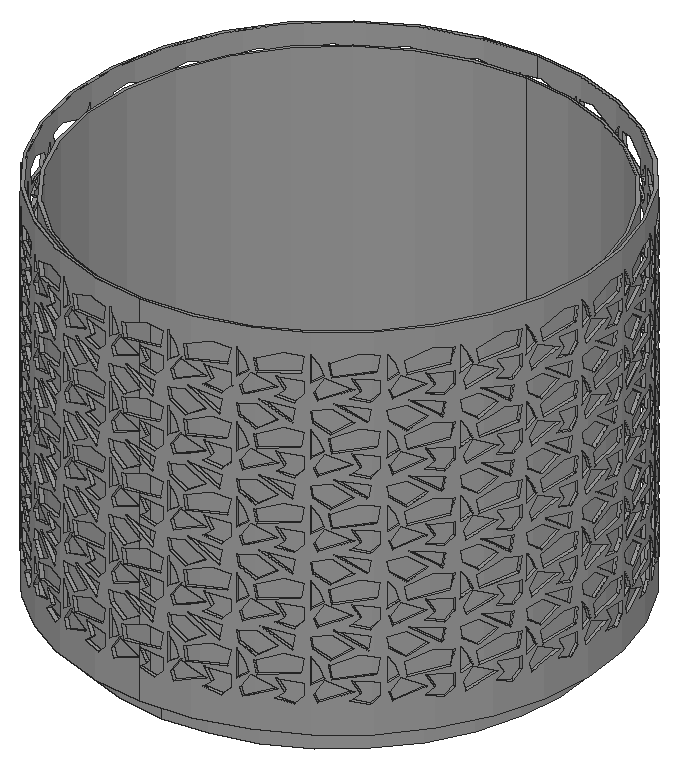
Revit family "14832 Цветочница «Филигран» средняя, диаметр 900 мм Хоббика", category Антураж, Revit 2018 (continued)
Automatic sketch dimensions
  Extrusion 11 sketch curve to Extrusion 11 sketch curve = 4.105 mm  (x5)
  Extrusion 11 sketch curve to plane 6 = 317.783 mm
  level to Extrusion 11 sketch curve = 138.217 mm
  Extrusion 11 sketch curve to plane 6 = 195.783 mm
  Extrusion 11 sketch curve to plane 6 = 73.783 mm
  level to Extrusion 11 sketch curve = 105.534 mm
  Extrusion 11 sketch curve to Extrusion 11 sketch curve = 6.071 mm  (x5)
  Extrusion 11 sketch curve to plane 6 = 106.466 mm
  level to Extrusion 11 sketch curve = 227.534 mm
  Extrusion 11 sketch curve to plane 6 = 228.466 mm
  level to Extrusion 11 sketch curve = 349.534 mm
  Extrusion 11 sketch curve to plane 6 = 236.396 mm
  level to Extrusion 11 sketch curve = 341.604 mm
  level to Extrusion 11 sketch curve = 219.604 mm
  Extrusion 11 sketch curve to plane 6 = 114.396 mm
  level to Extrusion 11 sketch curve = 212.391 mm
  Extrusion 11 sketch curve to Extrusion 11 sketch curve = 3.307 mm  (x4)
  Extrusion 11 sketch curve to plane 6 = 121.609 mm
  level to Extrusion 11 sketch curve = 334.391 mm
  Extrusion 11 sketch curve to plane 6 = 243.609 mm
  Extrusion 11 sketch curve to plane 6 = 72.971 mm
  Extrusion 11 sketch curve to Extrusion 11 sketch curve = 28.051 mm  (x5)
  level to Extrusion 11 sketch curve = 139.029 mm
  Extrusion 11 sketch curve to plane 6 = 316.971 mm
  level to Extrusion 11 sketch curve = 261.029 mm
  Extrusion 11 sketch curve to plane 6 = 194.971 mm
  Extrusion 11 sketch curve to plane 6 = 163.615 mm
  Extrusion 11 sketch curve to Extrusion 11 sketch curve = 0.133 mm  (x4)
  Extrusion 11 sketch curve to plane 6 = 285.615 mm
  level to Extrusion 11 sketch curve = 292.385 mm
  level to Extrusion 11 sketch curve = 170.385 mm
  level to Extrusion 11 sketch curve = 284.794 mm
  Extrusion 11 sketch curve to Extrusion 11 sketch curve = 4.057 mm  (x4)
  Extrusion 11 sketch curve to plane 6 = 171.206 mm
  level to Extrusion 11 sketch curve = 162.794 mm
  Extrusion 11 sketch curve to plane 6 = 49.206 mm
  Extrusion 11 sketch curve to Extrusion 11 sketch curve = 4.19 mm
  Extrusion 11 sketch curve to plane 6 = 293.206 mm
  Extrusion 11 sketch curve to plane 6 = 72.501 mm
  Extrusion 11 sketch curve to Extrusion 11 sketch curve = 8.628 mm  (x5)
  level to Extrusion 11 sketch curve = 139.499 mm
  Extrusion 11 sketch curve to plane 6 = 316.501 mm
  level to Extrusion 11 sketch curve = 261.499 mm
  Extrusion 11 sketch curve to plane 6 = 194.501 mm
  level to Extrusion 11 sketch curve = 141.498 mm
  Extrusion 11 sketch curve to Extrusion 11 sketch curve = 0.747 mm  (x5)
  Extrusion 11 sketch curve to plane 6 = 314.502 mm
  Extrusion 11 sketch curve to plane 6 = 70.502 mm
  level to Extrusion 11 sketch curve = 263.498 mm
  Extrusion 11 sketch curve to plane 6 = 192.502 mm
  level to Extrusion 11 sketch curve = 160.292 mm
  Extrusion 11 sketch curve to Extrusion 11 sketch curve = 12.025 mm  (x5)
  Extrusion 11 sketch curve to plane 6 = 173.708 mm
  Extrusion 11 sketch curve to plane 6 = 295.708 mm
  Extrusion 11 sketch curve to plane 6 = 51.708 mm
  level to Extrusion 11 sketch curve = 282.292 mm
  level to Extrusion 11 sketch curve = 345.67 mm
  Extrusion 11 sketch curve to Extrusion 11 sketch curve = 19.647 mm  (x4)
  Extrusion 11 sketch curve to plane 6 = 232.33 mm
  Extrusion 11 sketch curve to plane 6 = 110.33 mm
  level to Extrusion 11 sketch curve = 223.67 mm
  level to Extrusion 11 sketch curve = 101.67 mm
  Extrusion 11 sketch curve to Extrusion 11 sketch curve = 10.899 mm
  Extrusion 11 sketch curve to plane 6 = 217.681 mm
  level to Extrusion 11 sketch curve = 116.319 mm
  level to Extrusion 11 sketch curve = 238.319 mm
  Extrusion 11 sketch curve to plane 6 = 95.681 mm
  Extrusion 11 sketch curve to plane 6 = 339.681 mm
  level to Extrusion 11 sketch curve = 188.601 mm
  Extrusion 11 sketch curve to Extrusion 11 sketch curve = 9.934 mm  (x4)
  Extrusion 11 sketch curve to plane 6 = 267.399 mm
  Extrusion 11 sketch curve to plane 6 = 145.399 mm
  level to Extrusion 11 sketch curve = 310.601 mm
  Extrusion 11 sketch curve to plane 6 = 156.752 mm
  Extrusion 11 sketch curve to Extrusion 11 sketch curve = 2.998 mm  (x2)
  Extrusion 11 sketch curve to Extrusion 11 sketch curve = 4.288 mm  (x3)
  Extrusion 11 sketch curve to plane 6 = 325.917 mm
  Extrusion 11 sketch curve to plane 6 = 126.818 mm
  Extrusion 11 sketch curve to plane 6 = 248.818 mm
  level to Extrusion 11 sketch curve = 207.182 mm
  level to Extrusion 11 sketch curve = 329.182 mm
  Extrusion 11 sketch curve to Extrusion 11 sketch curve = 13.764 mm  (x4)
  Extrusion 11 sketch curve to Extrusion 11 sketch curve = 11.353 mm  (x3)
  Extrusion 11 sketch curve to Extrusion 11 sketch curve = 12.985 mm
  Extrusion 11 sketch curve to Extrusion 11 sketch curve = 16.957 mm
  level to Extrusion 12 sketch curve = 133.966 mm
  level to Extrusion 12 sketch curve = 255.966 mm
  Extrusion 12 sketch curve to Extrusion 12 sketch curve = 0 mm  (x9)
  Extrusion 12 sketch curve to plane 6 = 282.455 mm
  Extrusion 12 sketch curve to plane 6 = 78.034 mm
  Extrusion 12 sketch curve to plane 6 = 344.088 mm
  level to Extrusion 12 sketch curve = 173.545 mm
  Extrusion 12 sketch curve to plane 6 = 200.034 mm
  Extrusion 12 sketch curve to plane 6 = 38.455 mm
  level to Extrusion 12 sketch curve = 295.545 mm
  Extrusion 12 sketch curve to plane 6 = 160.455 mm
  Extrusion 12 sketch curve to plane 6 = 187.049 mm
  Extrusion 12 sketch curve to Extrusion 12 sketch curve = 4.689 mm  (x5)
  level to Extrusion 12 sketch curve = 268.951 mm
  Extrusion 12 sketch curve to plane 6 = 65.049 mm
  level to Extrusion 12 sketch curve = 146.951 mm
  Extrusion 12 sketch curve to plane 6 = 309.049 mm
  level to Extrusion 12 sketch curve = 332.294 mm
  Extrusion 12 sketch curve to Extrusion 12 sketch curve = 12.981 mm  (x4)
  Extrusion 12 sketch curve to plane 6 = 245.706 mm
  Extrusion 12 sketch curve to plane 6 = 123.706 mm
  level to Extrusion 12 sketch curve = 210.294 mm
  level to Extrusion 12 sketch curve = 97.77 mm
  Extrusion 12 sketch curve to Extrusion 12 sketch curve = 14.142 mm  (x5)
  level to Extrusion 12 sketch curve = 219.77 mm
  Extrusion 12 sketch curve to Extrusion 12 sketch curve = 1.161 mm  (x4)
  Extrusion 12 sketch curve to plane 6 = 114.23 mm
  level to Extrusion 12 sketch curve = 341.77 mm
  Extrusion 12 sketch curve to plane 6 = 236.23 mm
  level to Extrusion 12 sketch curve = 307.674 mm
  Extrusion 12 sketch curve to Extrusion 12 sketch curve = 17.322 mm  (x4)
  Extrusion 12 sketch curve to plane 6 = 270.326 mm
  Extrusion 12 sketch curve to plane 6 = 148.326 mm
  level to Extrusion 12 sketch curve = 185.674 mm
  Extrusion 12 sketch curve to plane 6 = 95.434 mm
  Extrusion 12 sketch curve to Extrusion 12 sketch curve = 14.512 mm  (x5)
  Extrusion 12 sketch curve to plane 6 = 217.434 mm
  Extrusion 12 sketch curve to plane 6 = 339.434 mm
  level to Extrusion 12 sketch curve = 238.566 mm
  level to Extrusion 12 sketch curve = 116.566 mm
  level to Extrusion 12 sketch curve = 178.754 mm
  Extrusion 12 sketch curve to plane 6 = 277.246 mm
  Extrusion 12 sketch curve to plane 6 = 33.246 mm
  level to Extrusion 12 sketch curve = 300.754 mm
  Extrusion 12 sketch curve to plane 6 = 155.246 mm
  level to Extrusion 12 sketch curve = 311.448 mm
  Extrusion 12 sketch curve to Extrusion 12 sketch curve = 6.775 mm  (x4)
  Extrusion 12 sketch curve to plane 6 = 266.552 mm
  Extrusion 12 sketch curve to plane 6 = 144.552 mm
  level to Extrusion 12 sketch curve = 189.448 mm
  level to Extrusion 12 sketch curve = 120.481 mm
  Extrusion 12 sketch curve to Extrusion 12 sketch curve = 8.395 mm  (x5)
  Extrusion 12 sketch curve to plane 6 = 213.519 mm
  Extrusion 12 sketch curve to plane 6 = 335.519 mm
  Extrusion 12 sketch curve to plane 6 = 91.519 mm
  level to Extrusion 12 sketch curve = 242.481 mm
  level to Extrusion 12 sketch curve = 260.217 mm
  Extrusion 12 sketch curve to Extrusion 12 sketch curve = 4.105 mm  (x5)
  Extrusion 12 sketch curve to plane 6 = 317.783 mm
  level to Extrusion 12 sketch curve = 138.217 mm
  Extrusion 12 sketch curve to plane 6 = 195.783 mm
  Extrusion 12 sketch curve to plane 6 = 73.783 mm
  level to Extrusion 12 sketch curve = 105.534 mm
  Extrusion 12 sketch curve to Extrusion 12 sketch curve = 6.071 mm  (x5)
  Extrusion 12 sketch curve to plane 6 = 106.466 mm
  level to Extrusion 12 sketch curve = 227.534 mm
  Extrusion 12 sketch curve to plane 6 = 228.466 mm
  level to Extrusion 12 sketch curve = 349.534 mm
  Extrusion 12 sketch curve to plane 6 = 236.396 mm
  level to Extrusion 12 sketch curve = 341.604 mm
  level to Extrusion 12 sketch curve = 219.604 mm
  Extrusion 12 sketch curve to plane 6 = 114.396 mm
  level to Extrusion 12 sketch curve = 212.391 mm
  Extrusion 12 sketch curve to Extrusion 12 sketch curve = 3.307 mm  (x4)
  Extrusion 12 sketch curve to plane 6 = 121.609 mm
  level to Extrusion 12 sketch curve = 334.391 mm
  Extrusion 12 sketch curve to plane 6 = 243.609 mm
  Extrusion 12 sketch curve to plane 6 = 72.971 mm
  Extrusion 12 sketch curve to Extrusion 12 sketch curve = 28.051 mm  (x5)
  level to Extrusion 12 sketch curve = 139.029 mm
  Extrusion 12 sketch curve to plane 6 = 316.971 mm
  level to Extrusion 12 sketch curve = 261.029 mm
  Extrusion 12 sketch curve to plane 6 = 194.971 mm
  Extrusion 12 sketch curve to plane 6 = 163.615 mm
  Extrusion 12 sketch curve to Extrusion 12 sketch curve = 0.133 mm  (x4)
  Extrusion 12 sketch curve to plane 6 = 285.615 mm
  level to Extrusion 12 sketch curve = 292.385 mm
  level to Extrusion 12 sketch curve = 170.385 mm
  level to Extrusion 12 sketch curve = 284.794 mm
  Extrusion 12 sketch curve to Extrusion 12 sketch curve = 4.057 mm  (x4)
  Extrusion 12 sketch curve to plane 6 = 171.206 mm
  level to Extrusion 12 sketch curve = 162.794 mm
  Extrusion 12 sketch curve to plane 6 = 49.206 mm
  Extrusion 12 sketch curve to Extrusion 12 sketch curve = 4.19 mm
  Extrusion 12 sketch curve to plane 6 = 293.206 mm
  Extrusion 12 sketch curve to plane 6 = 72.501 mm
  Extrusion 12 sketch curve to Extrusion 12 sketch curve = 8.628 mm  (x5)
  level to Extrusion 12 sketch curve = 139.499 mm
  Extrusion 12 sketch curve to plane 6 = 316.501 mm
  level to Extrusion 12 sketch curve = 261.499 mm
  Extrusion 12 sketch curve to plane 6 = 194.501 mm
  level to Extrusion 12 sketch curve = 141.498 mm
  Extrusion 12 sketch curve to Extrusion 12 sketch curve = 0.747 mm  (x5)
  Extrusion 12 sketch curve to plane 6 = 314.502 mm
  Extrusion 12 sketch curve to plane 6 = 70.502 mm
  level to Extrusion 12 sketch curve = 263.498 mm
  Extrusion 12 sketch curve to plane 6 = 192.502 mm
  level to Extrusion 12 sketch curve = 160.292 mm
  Extrusion 12 sketch curve to Extrusion 12 sketch curve = 12.025 mm  (x5)
  Extrusion 12 sketch curve to plane 6 = 173.708 mm
  Extrusion 12 sketch curve to plane 6 = 295.708 mm
  Extrusion 12 sketch curve to plane 6 = 51.708 mm
  level to Extrusion 12 sketch curve = 282.292 mm
  level to Extrusion 12 sketch curve = 345.67 mm
  Extrusion 12 sketch curve to Extrusion 12 sketch curve = 19.647 mm  (x4)
  Extrusion 12 sketch curve to plane 6 = 232.33 mm
  Extrusion 12 sketch curve to plane 6 = 110.33 mm
  level to Extrusion 12 sketch curve = 223.67 mm
  level to Extrusion 12 sketch curve = 101.67 mm
  Extrusion 12 sketch curve to Extrusion 12 sketch curve = 10.899 mm
  Extrusion 12 sketch curve to plane 6 = 217.681 mm
  level to Extrusion 12 sketch curve = 116.319 mm
  level to Extrusion 12 sketch curve = 238.319 mm
  Extrusion 12 sketch curve to plane 6 = 95.681 mm
  Extrusion 12 sketch curve to plane 6 = 339.681 mm
  level to Extrusion 12 sketch curve = 188.601 mm
  Extrusion 12 sketch curve to Extrusion 12 sketch curve = 9.934 mm  (x4)
  Extrusion 12 sketch curve to plane 6 = 267.399 mm
  Extrusion 12 sketch curve to plane 6 = 145.399 mm
  level to Extrusion 12 sketch curve = 310.601 mm
  Extrusion 12 sketch curve to plane 6 = 156.752 mm
  Extrusion 12 sketch curve to Extrusion 12 sketch curve = 2.998 mm  (x2)
  Extrusion 12 sketch curve to Extrusion 12 sketch curve = 4.288 mm  (x3)
  Extrusion 12 sketch curve to plane 6 = 325.917 mm
  Extrusion 12 sketch curve to plane 6 = 126.818 mm
  Extrusion 12 sketch curve to plane 6 = 248.818 mm
  level to Extrusion 12 sketch curve = 207.182 mm
  level to Extrusion 12 sketch curve = 329.182 mm
  Extrusion 12 sketch curve to Extrusion 12 sketch curve = 13.764 mm  (x4)
  Extrusion 12 sketch curve to Extrusion 12 sketch curve = 11.353 mm  (x3)
  Extrusion 12 sketch curve to Extrusion 12 sketch curve = 12.985 mm
  Extrusion 12 sketch curve to Extrusion 12 sketch curve = 16.957 mm
  level to Extrusion 13 sketch curve = 133.966 mm
  level to Extrusion 13 sketch curve = 255.966 mm
  Extrusion 13 sketch curve to Extrusion 13 sketch curve = 0 mm  (x9)
  Extrusion 13 sketch curve to plane 6 = 282.455 mm
  Extrusion 13 sketch curve to plane 6 = 78.034 mm
  Extrusion 13 sketch curve to plane 6 = 344.088 mm
  level to Extrusion 13 sketch curve = 173.545 mm
  Extrusion 13 sketch curve to plane 6 = 200.034 mm
  Extrusion 13 sketch curve to plane 6 = 38.455 mm
  level to Extrusion 13 sketch curve = 295.545 mm
  Extrusion 13 sketch curve to plane 6 = 160.455 mm
  Extrusion 13 sketch curve to plane 6 = 187.049 mm
  Extrusion 13 sketch curve to Extrusion 13 sketch curve = 4.689 mm  (x5)
  level to Extrusion 13 sketch curve = 268.951 mm
  Extrusion 13 sketch curve to plane 6 = 65.049 mm
  level to Extrusion 13 sketch curve = 146.951 mm
  Extrusion 13 sketch curve to plane 6 = 309.049 mm
  level to Extrusion 13 sketch curve = 332.294 mm
  Extrusion 13 sketch curve to Extrusion 13 sketch curve = 12.981 mm  (x4)
  Extrusion 13 sketch curve to plane 6 = 245.706 mm
  Extrusion 13 sketch curve to plane 6 = 123.706 mm
  level to Extrusion 13 sketch curve = 210.294 mm
  level to Extrusion 13 sketch curve = 97.77 mm
  Extrusion 13 sketch curve to Extrusion 13 sketch curve = 14.142 mm  (x5)
  level to Extrusion 13 sketch curve = 219.77 mm
  Extrusion 13 sketch curve to Extrusion 13 sketch curve = 1.161 mm  (x4)
  Extrusion 13 sketch curve to plane 6 = 114.23 mm
  level to Extrusion 13 sketch curve = 341.77 mm
  Extrusion 13 sketch curve to plane 6 = 236.23 mm
  level to Extrusion 13 sketch curve = 307.674 mm
  Extrusion 13 sketch curve to Extrusion 13 sketch curve = 17.322 mm  (x4)
  Extrusion 13 sketch curve to plane 6 = 270.326 mm
  Extrusion 13 sketch curve to plane 6 = 148.326 mm
  level to Extrusion 13 sketch curve = 185.674 mm
  Extrusion 13 sketch curve to plane 6 = 95.434 mm
  Extrusion 13 sketch curve to Extrusion 13 sketch curve = 14.512 mm  (x5)
  Extrusion 13 sketch curve to plane 6 = 217.434 mm
  Extrusion 13 sketch curve to plane 6 = 339.434 mm
  level to Extrusion 13 sketch curve = 238.566 mm
  level to Extrusion 13 sketch curve = 116.566 mm
  level to Extrusion 13 sketch curve = 178.754 mm
  Extrusion 13 sketch curve to plane 6 = 277.246 mm
  Extrusion 13 sketch curve to plane 6 = 33.246 mm
  level to Extrusion 13 sketch curve = 300.754 mm
  Extrusion 13 sketch curve to plane 6 = 155.246 mm
  level to Extrusion 13 sketch curve = 311.448 mm
  Extrusion 13 sketch curve to Extrusion 13 sketch curve = 6.775 mm  (x4)
  Extrusion 13 sketch curve to plane 6 = 266.552 mm
  Extrusion 13 sketch curve to plane 6 = 144.552 mm
  level to Extrusion 13 sketch curve = 189.448 mm
  level to Extrusion 13 sketch curve = 120.481 mm
  Extrusion 13 sketch curve to Extrusion 13 sketch curve = 8.395 mm  (x5)
  Extrusion 13 sketch curve to plane 6 = 213.519 mm
  Extrusion 13 sketch curve to plane 6 = 335.519 mm
  Extrusion 13 sketch curve to plane 6 = 91.519 mm
  level to Extrusion 13 sketch curve = 242.481 mm
  level to Extrusion 13 sketch curve = 260.217 mm
  Extrusion 13 sketch curve to Extrusion 13 sketch curve = 4.105 mm  (x5)
  Extrusion 13 sketch curve to plane 6 = 317.783 mm
  level to Extrusion 13 sketch curve = 138.217 mm
  Extrusion 13 sketch curve to plane 6 = 195.783 mm
  Extrusion 13 sketch curve to plane 6 = 73.783 mm
  level to Extrusion 13 sketch curve = 105.534 mm
  Extrusion 13 sketch curve to Extrusion 13 sketch curve = 6.071 mm  (x5)
  Extrusion 13 sketch curve to plane 6 = 106.466 mm
  level to Extrusion 13 sketch curve = 227.534 mm
  Extrusion 13 sketch curve to plane 6 = 228.466 mm
  level to Extrusion 13 sketch curve = 349.534 mm
  Extrusion 13 sketch curve to plane 6 = 236.396 mm
  level to Extrusion 13 sketch curve = 341.604 mm
  level to Extrusion 13 sketch curve = 219.604 mm
  Extrusion 13 sketch curve to plane 6 = 114.396 mm
  level to Extrusion 13 sketch curve = 212.391 mm
  Extrusion 13 sketch curve to Extrusion 13 sketch curve = 3.307 mm  (x4)
  Extrusion 13 sketch curve to plane 6 = 121.609 mm
  level to Extrusion 13 sketch curve = 334.391 mm
  Extrusion 13 sketch curve to plane 6 = 243.609 mm
  Extrusion 13 sketch curve to plane 6 = 72.971 mm
  Extrusion 13 sketch curve to Extrusion 13 sketch curve = 28.051 mm  (x5)
  level to Extrusion 13 sketch curve = 139.029 mm
  Extrusion 13 sketch curve to plane 6 = 316.971 mm
  level to Extrusion 13 sketch curve = 261.029 mm
  Extrusion 13 sketch curve to plane 6 = 194.971 mm
  Extrusion 13 sketch curve to plane 6 = 163.615 mm
  Extrusion 13 sketch curve to Extrusion 13 sketch curve = 0.133 mm  (x4)
  Extrusion 13 sketch curve to plane 6 = 285.615 mm
  level to Extrusion 13 sketch curve = 292.385 mm
  level to Extrusion 13 sketch curve = 170.385 mm
  level to Extrusion 13 sketch curve = 284.794 mm
  Extrusion 13 sketch curve to Extrusion 13 sketch curve = 4.057 mm  (x4)
  Extrusion 13 sketch curve to plane 6 = 171.206 mm
  level to Extrusion 13 sketch curve = 162.794 mm
  Extrusion 13 sketch curve to plane 6 = 49.206 mm
  Extrusion 13 sketch curve to Extrusion 13 sketch curve = 4.19 mm
  Extrusion 13 sketch curve to plane 6 = 293.206 mm
  Extrusion 13 sketch curve to plane 6 = 72.501 mm
  Extrusion 13 sketch curve to Extrusion 13 sketch curve = 8.628 mm  (x5)
  level to Extrusion 13 sketch curve = 139.499 mm
  Extrusion 13 sketch curve to plane 6 = 316.501 mm
  level to Extrusion 13 sketch curve = 261.499 mm
  Extrusion 13 sketch curve to plane 6 = 194.501 mm
  level to Extrusion 13 sketch curve = 141.498 mm
  Extrusion 13 sketch curve to Extrusion 13 sketch curve = 0.747 mm  (x5)
  Extrusion 13 sketch curve to plane 6 = 314.502 mm
  Extrusion 13 sketch curve to plane 6 = 70.502 mm
  level to Extrusion 13 sketch curve = 263.498 mm
  Extrusion 13 sketch curve to plane 6 = 192.502 mm
  level to Extrusion 13 sketch curve = 160.292 mm
  Extrusion 13 sketch curve to Extrusion 13 sketch curve = 12.025 mm  (x5)
  Extrusion 13 sketch curve to plane 6 = 173.708 mm
  Extrusion 13 sketch curve to plane 6 = 295.708 mm
  Extrusion 13 sketch curve to plane 6 = 51.708 mm
  level to Extrusion 13 sketch curve = 282.292 mm
  level to Extrusion 13 sketch curve = 345.67 mm
  Extrusion 13 sketch curve to Extrusion 13 sketch curve = 19.647 mm  (x4)
  Extrusion 13 sketch curve to plane 6 = 232.33 mm
  Extrusion 13 sketch curve to plane 6 = 110.33 mm
  level to Extrusion 13 sketch curve = 223.67 mm
  level to Extrusion 13 sketch curve = 101.67 mm
  Extrusion 13 sketch curve to Extrusion 13 sketch curve = 10.899 mm
  Extrusion 13 sketch curve to plane 6 = 217.681 mm
  level to Extrusion 13 sketch curve = 116.319 mm
  level to Extrusion 13 sketch curve = 238.319 mm
  Extrusion 13 sketch curve to plane 6 = 95.681 mm
  Extrusion 13 sketch curve to plane 6 = 339.681 mm
  level to Extrusion 13 sketch curve = 188.601 mm
  Extrusion 13 sketch curve to Extrusion 13 sketch curve = 9.934 mm  (x4)
  Extrusion 13 sketch curve to plane 6 = 267.399 mm
  Extrusion 13 sketch curve to plane 6 = 145.399 mm
  level to Extrusion 13 sketch curve = 310.601 mm
  Extrusion 13 sketch curve to plane 6 = 156.752 mm
  Extrusion 13 sketch curve to Extrusion 13 sketch curve = 2.998 mm  (x2)
  Extrusion 13 sketch curve to Extrusion 13 sketch curve = 4.288 mm  (x3)
  Extrusion 13 sketch curve to plane 6 = 325.917 mm
  Extrusion 13 sketch curve to plane 6 = 126.818 mm
  Extrusion 13 sketch curve to plane 6 = 248.818 mm
  level to Extrusion 13 sketch curve = 207.182 mm
  level to Extrusion 13 sketch curve = 329.182 mm
  Extrusion 13 sketch curve to Extrusion 13 sketch curve = 13.764 mm  (x4)
  Extrusion 13 sketch curve to Extrusion 13 sketch curve = 11.353 mm  (x3)
  Extrusion 13 sketch curve to Extrusion 13 sketch curve = 12.985 mm
  Extrusion 13 sketch curve to Extrusion 13 sketch curve = 16.957 mm
  level to Extrusion 14 sketch curve = 133.966 mm
  level to Extrusion 14 sketch curve = 255.966 mm
  Extrusion 14 sketch curve to Extrusion 14 sketch curve = 0 mm  (x9)
  Extrusion 14 sketch curve to plane 6 = 282.455 mm
  Extrusion 14 sketch curve to plane 6 = 78.034 mm
  Extrusion 14 sketch curve to plane 6 = 344.088 mm
  level to Extrusion 14 sketch curve = 173.545 mm
  Extrusion 14 sketch curve to plane 6 = 200.034 mm
  Extrusion 14 sketch curve to plane 6 = 38.455 mm
  level to Extrusion 14 sketch curve = 295.545 mm
  Extrusion 14 sketch curve to plane 6 = 160.455 mm
  Extrusion 14 sketch curve to plane 6 = 187.049 mm
  Extrusion 14 sketch curve to Extrusion 14 sketch curve = 4.689 mm  (x5)
  level to Extrusion 14 sketch curve = 268.951 mm
  Extrusion 14 sketch curve to plane 6 = 65.049 mm
  level to Extrusion 14 sketch curve = 146.951 mm
  Extrusion 14 sketch curve to plane 6 = 309.049 mm
  level to Extrusion 14 sketch curve = 332.294 mm
  Extrusion 14 sketch curve to Extrusion 14 sketch curve = 12.981 mm  (x4)
  Extrusion 14 sketch curve to plane 6 = 245.706 mm
  Extrusion 14 sketch curve to plane 6 = 123.706 mm
  level to Extrusion 14 sketch curve = 210.294 mm
  level to Extrusion 14 sketch curve = 97.77 mm
  Extrusion 14 sketch curve to Extrusion 14 sketch curve = 14.142 mm  (x5)
  level to Extrusion 14 sketch curve = 219.77 mm
  Extrusion 14 sketch curve to Extrusion 14 sketch curve = 1.161 mm  (x4)
  Extrusion 14 sketch curve to plane 6 = 114.23 mm
  level to Extrusion 14 sketch curve = 341.77 mm
  Extrusion 14 sketch curve to plane 6 = 236.23 mm
  level to Extrusion 14 sketch curve = 307.674 mm
  Extrusion 14 sketch curve to Extrusion 14 sketch curve = 17.322 mm  (x4)
  Extrusion 14 sketch curve to plane 6 = 270.326 mm
  Extrusion 14 sketch curve to plane 6 = 148.326 mm
  level to Extrusion 14 sketch curve = 185.674 mm
  Extrusion 14 sketch curve to plane 6 = 95.434 mm
  Extrusion 14 sketch curve to Extrusion 14 sketch curve = 14.512 mm  (x5)
  Extrusion 14 sketch curve to plane 6 = 217.434 mm
  Extrusion 14 sketch curve to plane 6 = 339.434 mm
  level to Extrusion 14 sketch curve = 238.566 mm
  level to Extrusion 14 sketch curve = 116.566 mm
  level to Extrusion 14 sketch curve = 178.754 mm
  Extrusion 14 sketch curve to plane 6 = 277.246 mm
  Extrusion 14 sketch curve to plane 6 = 33.246 mm
  level to Extrusion 14 sketch curve = 300.754 mm
  Extrusion 14 sketch curve to plane 6 = 155.246 mm
  level to Extrusion 14 sketch curve = 311.448 mm
  Extrusion 14 sketch curve to Extrusion 14 sketch curve = 6.775 mm  (x4)
  Extrusion 14 sketch curve to plane 6 = 266.552 mm
  Extrusion 14 sketch curve to plane 6 = 144.552 mm
  level to Extrusion 14 sketch curve = 189.448 mm
  level to Extrusion 14 sketch curve = 120.481 mm
  Extrusion 14 sketch curve to Extrusion 14 sketch curve = 8.395 mm  (x5)
  Extrusion 14 sketch curve to plane 6 = 213.519 mm
  Extrusion 14 sketch curve to plane 6 = 335.519 mm
  Extrusion 14 sketch curve to plane 6 = 91.519 mm
  level to Extrusion 14 sketch curve = 242.481 mm
  level to Extrusion 14 sketch curve = 260.217 mm
  Extrusion 14 sketch curve to Extrusion 14 sketch curve = 4.105 mm  (x5)
  Extrusion 14 sketch curve to plane 6 = 317.783 mm
  level to Extrusion 14 sketch curve = 138.217 mm
  Extrusion 14 sketch curve to plane 6 = 195.783 mm
  Extrusion 14 sketch curve to plane 6 = 73.783 mm
  level to Extrusion 14 sketch curve = 105.534 mm
  Extrusion 14 sketch curve to Extrusion 14 sketch curve = 6.071 mm  (x5)
  Extrusion 14 sketch curve to plane 6 = 106.466 mm
  level to Extrusion 14 sketch curve = 227.534 mm
  Extrusion 14 sketch curve to plane 6 = 228.466 mm
  level to Extrusion 14 sketch curve = 349.534 mm
  Extrusion 14 sketch curve to plane 6 = 236.396 mm
  level to Extrusion 14 sketch curve = 341.604 mm
  level to Extrusion 14 sketch curve = 219.604 mm
  Extrusion 14 sketch curve to plane 6 = 114.396 mm
  level to Extrusion 14 sketch curve = 212.391 mm
  Extrusion 14 sketch curve to Extrusion 14 sketch curve = 3.307 mm  (x4)
  Extrusion 14 sketch curve to plane 6 = 121.609 mm
  level to Extrusion 14 sketch curve = 334.391 mm
  Extrusion 14 sketch curve to plane 6 = 243.609 mm
  Extrusion 14 sketch curve to plane 6 = 72.971 mm
  Extrusion 14 sketch curve to Extrusion 14 sketch curve = 28.051 mm  (x5)
  level to Extrusion 14 sketch curve = 139.029 mm
  Extrusion 14 sketch curve to plane 6 = 316.971 mm
  level to Extrusion 14 sketch curve = 261.029 mm
  Extrusion 14 sketch curve to plane 6 = 194.971 mm
  Extrusion 14 sketch curve to plane 6 = 163.615 mm
  Extrusion 14 sketch curve to Extrusion 14 sketch curve = 0.133 mm  (x4)
  Extrusion 14 sketch curve to plane 6 = 285.615 mm
  level to Extrusion 14 sketch curve = 292.385 mm
  level to Extrusion 14 sketch curve = 170.385 mm
  level to Extrusion 14 sketch curve = 284.794 mm
  Extrusion 14 sketch curve to Extrusion 14 sketch curve = 4.057 mm  (x4)
  Extrusion 14 sketch curve to plane 6 = 171.206 mm
  level to Extrusion 14 sketch curve = 162.794 mm
  Extrusion 14 sketch curve to plane 6 = 49.206 mm
  Extrusion 14 sketch curve to Extrusion 14 sketch curve = 4.19 mm
  Extrusion 14 sketch curve to plane 6 = 293.206 mm
  Extrusion 14 sketch curve to plane 6 = 72.501 mm
  Extrusion 14 sketch curve to Extrusion 14 sketch curve = 8.628 mm  (x5)
  level to Extrusion 14 sketch curve = 139.499 mm
  Extrusion 14 sketch curve to plane 6 = 316.501 mm
  level to Extrusion 14 sketch curve = 261.499 mm
  Extrusion 14 sketch curve to plane 6 = 194.501 mm
  level to Extrusion 14 sketch curve = 141.498 mm
  Extrusion 14 sketch curve to Extrusion 14 sketch curve = 0.747 mm  (x5)
  Extrusion 14 sketch curve to plane 6 = 314.502 mm
  Extrusion 14 sketch curve to plane 6 = 70.502 mm
  level to Extrusion 14 sketch curve = 263.498 mm
  Extrusion 14 sketch curve to plane 6 = 192.502 mm
  level to Extrusion 14 sketch curve = 160.292 mm
  Extrusion 14 sketch curve to Extrusion 14 sketch curve = 12.025 mm  (x5)
  Extrusion 14 sketch curve to plane 6 = 173.708 mm
  Extrusion 14 sketch curve to plane 6 = 295.708 mm
  Extrusion 14 sketch curve to plane 6 = 51.708 mm
  level to Extrusion 14 sketch curve = 282.292 mm
  level to Extrusion 14 sketch curve = 345.67 mm
  Extrusion 14 sketch curve to Extrusion 14 sketch curve = 19.647 mm  (x4)
  Extrusion 14 sketch curve to plane 6 = 232.33 mm
  Extrusion 14 sketch curve to plane 6 = 110.33 mm
  level to Extrusion 14 sketch curve = 223.67 mm
  level to Extrusion 14 sketch curve = 101.67 mm
  Extrusion 14 sketch curve to Extrusion 14 sketch curve = 10.899 mm
  Extrusion 14 sketch curve to plane 6 = 217.681 mm
  level to Extrusion 14 sketch curve = 116.319 mm
  level to Extrusion 14 sketch curve = 238.319 mm
  Extrusion 14 sketch curve to plane 6 = 95.681 mm
  Extrusion 14 sketch curve to plane 6 = 339.681 mm
  level to Extrusion 14 sketch curve = 188.601 mm
  Extrusion 14 sketch curve to Extrusion 14 sketch curve = 9.934 mm  (x4)
  Extrusion 14 sketch curve to plane 6 = 267.399 mm
  Extrusion 14 sketch curve to plane 6 = 145.399 mm
  level to Extrusion 14 sketch curve = 310.601 mm
  Extrusion 14 sketch curve to plane 6 = 156.752 mm
  Extrusion 14 sketch curve to Extrusion 14 sketch curve = 2.998 mm  (x2)
  Extrusion 14 sketch curve to Extrusion 14 sketch curve = 4.288 mm  (x3)
  Extrusion 14 sketch curve to plane 6 = 325.917 mm
  Extrusion 14 sketch curve to plane 6 = 126.818 mm
  Extrusion 14 sketch curve to plane 6 = 248.818 mm
  level to Extrusion 14 sketch curve = 207.182 mm
  level to Extrusion 14 sketch curve = 329.182 mm
  Extrusion 14 sketch curve to Extrusion 14 sketch curve = 13.764 mm  (x4)
  Extrusion 14 sketch curve to Extrusion 14 sketch curve = 11.353 mm  (x3)
  Extrusion 14 sketch curve to Extrusion 14 sketch curve = 12.985 mm
  Extrusion 14 sketch curve to Extrusion 14 sketch curve = 16.957 mm
  level to Extrusion 15 sketch curve = 133.966 mm
  level to Extrusion 15 sketch curve = 255.966 mm
  Extrusion 15 sketch curve to Extrusion 15 sketch curve = 0 mm  (x9)
  Extrusion 15 sketch curve to plane 6 = 282.455 mm
  Extrusion 15 sketch curve to plane 6 = 78.034 mm
  Extrusion 15 sketch curve to plane 6 = 344.088 mm
  level to Extrusion 15 sketch curve = 173.545 mm
  Extrusion 15 sketch curve to plane 6 = 200.034 mm
  Extrusion 15 sketch curve to plane 6 = 38.455 mm
  level to Extrusion 15 sketch curve = 295.545 mm
  Extrusion 15 sketch curve to plane 6 = 160.455 mm
  Extrusion 15 sketch curve to plane 6 = 187.049 mm
  Extrusion 15 sketch curve to Extrusion 15 sketch curve = 4.689 mm  (x5)
  level to Extrusion 15 sketch curve = 268.951 mm
  Extrusion 15 sketch curve to plane 6 = 65.049 mm
  level to Extrusion 15 sketch curve = 146.951 mm
  Extrusion 15 sketch curve to plane 6 = 309.049 mm
  level to Extrusion 15 sketch curve = 332.294 mm
  Extrusion 15 sketch curve to Extrusion 15 sketch curve = 12.981 mm  (x4)
  Extrusion 15 sketch curve to plane 6 = 245.706 mm
  Extrusion 15 sketch curve to plane 6 = 123.706 mm
  level to Extrusion 15 sketch curve = 210.294 mm
  level to Extrusion 15 sketch curve = 97.77 mm
  Extrusion 15 sketch curve to Extrusion 15 sketch curve = 14.142 mm  (x5)
  level to Extrusion 15 sketch curve = 219.77 mm
  Extrusion 15 sketch curve to Extrusion 15 sketch curve = 1.161 mm  (x4)
  Extrusion 15 sketch curve to plane 6 = 114.23 mm
  level to Extrusion 15 sketch curve = 341.77 mm
  Extrusion 15 sketch curve to plane 6 = 236.23 mm
  level to Extrusion 15 sketch curve = 307.674 mm
  Extrusion 15 sketch curve to Extrusion 15 sketch curve = 17.322 mm  (x4)
  Extrusion 15 sketch curve to plane 6 = 270.326 mm
  Extrusion 15 sketch curve to plane 6 = 148.326 mm
  level to Extrusion 15 sketch curve = 185.674 mm
  Extrusion 15 sketch curve to plane 6 = 95.434 mm
  Extrusion 15 sketch curve to Extrusion 15 sketch curve = 14.512 mm  (x5)
  Extrusion 15 sketch curve to plane 6 = 217.434 mm
  Extrusion 15 sketch curve to plane 6 = 339.434 mm
  level to Extrusion 15 sketch curve = 238.566 mm
  level to Extrusion 15 sketch curve = 116.566 mm
  level to Extrusion 15 sketch curve = 178.754 mm
  Extrusion 15 sketch curve to plane 6 = 277.246 mm
  Extrusion 15 sketch curve to plane 6 = 33.246 mm
  level to Extrusion 15 sketch curve = 300.754 mm
  Extrusion 15 sketch curve to plane 6 = 155.246 mm
  level to Extrusion 15 sketch curve = 311.448 mm
  Extrusion 15 sketch curve to Extrusion 15 sketch curve = 6.775 mm  (x4)
  Extrusion 15 sketch curve to plane 6 = 266.552 mm
  Extrusion 15 sketch curve to plane 6 = 144.552 mm
  level to Extrusion 15 sketch curve = 189.448 mm
  level to Extrusion 15 sketch curve = 120.481 mm
  Extrusion 15 sketch curve to Extrusion 15 sketch curve = 8.395 mm  (x5)
  Extrusion 15 sketch curve to plane 6 = 213.519 mm
  Extrusion 15 sketch curve to plane 6 = 335.519 mm
  Extrusion 15 sketch curve to plane 6 = 91.519 mm
  level to Extrusion 15 sketch curve = 242.481 mm
  level to Extrusion 15 sketch curve = 260.217 mm
  Extrusion 15 sketch curve to Extrusion 15 sketch curve = 4.105 mm  (x5)
  Extrusion 15 sketch curve to plane 6 = 317.783 mm
  level to Extrusion 15 sketch curve = 138.217 mm
  Extrusion 15 sketch curve to plane 6 = 195.783 mm
  Extrusion 15 sketch curve to plane 6 = 73.783 mm
  level to Extrusion 15 sketch curve = 105.534 mm
  Extrusion 15 sketch curve to Extrusion 15 sketch curve = 6.071 mm  (x5)
  Extrusion 15 sketch curve to plane 6 = 106.466 mm
  level to Extrusion 15 sketch curve = 227.534 mm
  Extrusion 15 sketch curve to plane 6 = 228.466 mm
  level to Extrusion 15 sketch curve = 349.534 mm
  Extrusion 15 sketch curve to plane 6 = 236.396 mm
  level to Extrusion 15 sketch curve = 341.604 mm
  level to Extrusion 15 sketch curve = 219.604 mm
  Extrusion 15 sketch curve to plane 6 = 114.396 mm
  level to Extrusion 15 sketch curve = 212.391 mm
  Extrusion 15 sketch curve to Extrusion 15 sketch curve = 3.307 mm  (x4)
  Extrusion 15 sketch curve to plane 6 = 121.609 mm
  level to Extrusion 15 sketch curve = 334.391 mm
  Extrusion 15 sketch curve to plane 6 = 243.609 mm
  Extrusion 15 sketch curve to plane 6 = 72.971 mm
  Extrusion 15 sketch curve to Extrusion 15 sketch curve = 28.051 mm  (x5)
  level to Extrusion 15 sketch curve = 139.029 mm
  Extrusion 15 sketch curve to plane 6 = 316.971 mm
  level to Extrusion 15 sketch curve = 261.029 mm
  Extrusion 15 sketch curve to plane 6 = 194.971 mm
  Extrusion 15 sketch curve to plane 6 = 163.615 mm
  Extrusion 15 sketch curve to Extrusion 15 sketch curve = 0.133 mm  (x4)
  Extrusion 15 sketch curve to plane 6 = 285.615 mm
  level to Extrusion 15 sketch curve = 292.385 mm
  level to Extrusion 15 sketch curve = 170.385 mm
  level to Extrusion 15 sketch curve = 284.794 mm
  Extrusion 15 sketch curve to Extrusion 15 sketch curve = 4.057 mm  (x4)
  Extrusion 15 sketch curve to plane 6 = 171.206 mm
  level to Extrusion 15 sketch curve = 162.794 mm
  Extrusion 15 sketch curve to plane 6 = 49.206 mm
  Extrusion 15 sketch curve to Extrusion 15 sketch curve = 4.19 mm
  Extrusion 15 sketch curve to plane 6 = 293.206 mm
  Extrusion 15 sketch curve to plane 6 = 72.501 mm
  Extrusion 15 sketch curve to Extrusion 15 sketch curve = 8.628 mm  (x5)
  level to Extrusion 15 sketch curve = 139.499 mm
  Extrusion 15 sketch curve to plane 6 = 316.501 mm
  level to Extrusion 15 sketch curve = 261.499 mm
  Extrusion 15 sketch curve to plane 6 = 194.501 mm
  level to Extrusion 15 sketch curve = 141.498 mm
  Extrusion 15 sketch curve to Extrusion 15 sketch curve = 0.747 mm  (x5)
  Extrusion 15 sketch curve to plane 6 = 314.502 mm
  Extrusion 15 sketch curve to plane 6 = 70.502 mm
  level to Extrusion 15 sketch curve = 263.498 mm
  Extrusion 15 sketch curve to plane 6 = 192.502 mm
  level to Extrusion 15 sketch curve = 160.292 mm
  Extrusion 15 sketch curve to Extrusion 15 sketch curve = 12.025 mm  (x5)
  Extrusion 15 sketch curve to plane 6 = 173.708 mm
  Extrusion 15 sketch curve to plane 6 = 295.708 mm
  Extrusion 15 sketch curve to plane 6 = 51.708 mm
  level to Extrusion 15 sketch curve = 282.292 mm
  level to Extrusion 15 sketch curve = 345.67 mm
  Extrusion 15 sketch curve to Extrusion 15 sketch curve = 19.647 mm  (x4)
  Extrusion 15 sketch curve to plane 6 = 232.33 mm
  Extrusion 15 sketch curve to plane 6 = 110.33 mm
  level to Extrusion 15 sketch curve = 223.67 mm
  level to Extrusion 15 sketch curve = 101.67 mm
  Extrusion 15 sketch curve to Extrusion 15 sketch curve = 10.899 mm
  Extrusion 15 sketch curve to plane 6 = 217.681 mm
  level to Extrusion 15 sketch curve = 116.319 mm
  level to Extrusion 15 sketch curve = 238.319 mm
  Extrusion 15 sketch curve to plane 6 = 95.681 mm
  Extrusion 15 sketch curve to plane 6 = 339.681 mm
  level to Extrusion 15 sketch curve = 188.601 mm
  Extrusion 15 sketch curve to Extrusion 15 sketch curve = 9.934 mm  (x4)
  Extrusion 15 sketch curve to plane 6 = 267.399 mm
  Extrusion 15 sketch curve to plane 6 = 145.399 mm
  level to Extrusion 15 sketch curve = 310.601 mm
  Extrusion 15 sketch curve to plane 6 = 156.752 mm
  Extrusion 15 sketch curve to Extrusion 15 sketch curve = 2.998 mm  (x2)
  Extrusion 15 sketch curve to Extrusion 15 sketch curve = 4.288 mm  (x3)
  Extrusion 15 sketch curve to plane 6 = 325.917 mm
  Extrusion 15 sketch curve to plane 6 = 126.818 mm
  Extrusion 15 sketch curve to plane 6 = 248.818 mm
  level to Extrusion 15 sketch curve = 207.182 mm
  level to Extrusion 15 sketch curve = 329.182 mm
  Extrusion 15 sketch curve to Extrusion 15 sketch curve = 13.764 mm  (x4)
  Extrusion 15 sketch curve to Extrusion 15 sketch curve = 11.353 mm  (x3)
  Extrusion 15 sketch curve to Extrusion 15 sketch curve = 12.985 mm
  Extrusion 15 sketch curve to Extrusion 15 sketch curve = 16.957 mm
  level to Extrusion 16 sketch curve = 133.966 mm
  level to Extrusion 16 sketch curve = 255.966 mm
  Extrusion 16 sketch curve to Extrusion 16 sketch curve = 0 mm  (x9)
  Extrusion 16 sketch curve to plane 6 = 282.455 mm
  Extrusion 16 sketch curve to plane 6 = 78.034 mm
  Extrusion 16 sketch curve to plane 6 = 344.088 mm
  level to Extrusion 16 sketch curve = 173.545 mm
  Extrusion 16 sketch curve to plane 6 = 200.034 mm
  Extrusion 16 sketch curve to plane 6 = 38.455 mm
  level to Extrusion 16 sketch curve = 295.545 mm
  Extrusion 16 sketch curve to plane 6 = 160.455 mm
  Extrusion 16 sketch curve to plane 6 = 187.049 mm
  Extrusion 16 sketch curve to Extrusion 16 sketch curve = 4.689 mm  (x5)
  level to Extrusion 16 sketch curve = 268.951 mm
  Extrusion 16 sketch curve to plane 6 = 65.049 mm
  level to Extrusion 16 sketch curve = 146.951 mm
  Extrusion 16 sketch curve to plane 6 = 309.049 mm
  level to Extrusion 16 sketch curve = 332.294 mm
  Extrusion 16 sketch curve to Extrusion 16 sketch curve = 12.981 mm  (x4)
  Extrusion 16 sketch curve to plane 6 = 245.706 mm
  Extrusion 16 sketch curve to plane 6 = 123.706 mm
  level to Extrusion 16 sketch curve = 210.294 mm
  level to Extrusion 16 sketch curve = 97.77 mm
  Extrusion 16 sketch curve to Extrusion 16 sketch curve = 14.142 mm  (x5)
  level to Extrusion 16 sketch curve = 219.77 mm
  Extrusion 16 sketch curve to Extrusion 16 sketch curve = 1.161 mm  (x4)
  Extrusion 16 sketch curve to plane 6 = 114.23 mm
  level to Extrusion 16 sketch curve = 341.77 mm
  Extrusion 16 sketch curve to plane 6 = 236.23 mm
  level to Extrusion 16 sketch curve = 307.674 mm
  Extrusion 16 sketch curve to Extrusion 16 sketch curve = 17.322 mm  (x4)
  Extrusion 16 sketch curve to plane 6 = 270.326 mm
  Extrusion 16 sketch curve to plane 6 = 148.326 mm
  level to Extrusion 16 sketch curve = 185.674 mm
  Extrusion 16 sketch curve to plane 6 = 95.434 mm
  Extrusion 16 sketch curve to Extrusion 16 sketch curve = 14.512 mm  (x5)
  Extrusion 16 sketch curve to plane 6 = 217.434 mm
  Extrusion 16 sketch curve to plane 6 = 339.434 mm
  level to Extrusion 16 sketch curve = 238.566 mm
  level to Extrusion 16 sketch curve = 116.566 mm
  level to Extrusion 16 sketch curve = 178.754 mm
  Extrusion 16 sketch curve to plane 6 = 277.246 mm
  Extrusion 16 sketch curve to plane 6 = 33.246 mm
  level to Extrusion 16 sketch curve = 300.754 mm
  Extrusion 16 sketch curve to plane 6 = 155.246 mm
  level to Extrusion 16 sketch curve = 311.448 mm
  Extrusion 16 sketch curve to Extrusion 16 sketch curve = 6.775 mm  (x4)
  Extrusion 16 sketch curve to plane 6 = 266.552 mm
  Extrusion 16 sketch curve to plane 6 = 144.552 mm
  level to Extrusion 16 sketch curve = 189.448 mm
  level to Extrusion 16 sketch curve = 120.481 mm
  Extrusion 16 sketch curve to Extrusion 16 sketch curve = 8.395 mm  (x5)
  Extrusion 16 sketch curve to plane 6 = 213.519 mm
  Extrusion 16 sketch curve to plane 6 = 335.519 mm
  Extrusion 16 sketch curve to plane 6 = 91.519 mm
  level to Extrusion 16 sketch curve = 242.481 mm
  level to Extrusion 16 sketch curve = 260.217 mm
  Extrusion 16 sketch curve to Extrusion 16 sketch curve = 4.105 mm  (x5)
  Extrusion 16 sketch curve to plane 6 = 317.783 mm
  level to Extrusion 16 sketch curve = 138.217 mm
  Extrusion 16 sketch curve to plane 6 = 195.783 mm
  Extrusion 16 sketch curve to plane 6 = 73.783 mm
  level to Extrusion 16 sketch curve = 105.534 mm
  Extrusion 16 sketch curve to Extrusion 16 sketch curve = 6.071 mm  (x5)
  Extrusion 16 sketch curve to plane 6 = 106.466 mm
  level to Extrusion 16 sketch curve = 227.534 mm
  Extrusion 16 sketch curve to plane 6 = 228.466 mm
  level to Extrusion 16 sketch curve = 349.534 mm
  Extrusion 16 sketch curve to plane 6 = 236.396 mm
  level to Extrusion 16 sketch curve = 341.604 mm
  level to Extrusion 16 sketch curve = 219.604 mm
  Extrusion 16 sketch curve to plane 6 = 114.396 mm
  level to Extrusion 16 sketch curve = 212.391 mm
  Extrusion 16 sketch curve to Extrusion 16 sketch curve = 3.307 mm  (x4)
  Extrusion 16 sketch curve to plane 6 = 121.609 mm
  level to Extrusion 16 sketch curve = 334.391 mm
  Extrusion 16 sketch curve to plane 6 = 243.609 mm
  Extrusion 16 sketch curve to plane 6 = 72.971 mm
  Extrusion 16 sketch curve to Extrusion 16 sketch curve = 28.051 mm  (x5)
  level to Extrusion 16 sketch curve = 139.029 mm
  Extrusion 16 sketch curve to plane 6 = 316.971 mm
  level to Extrusion 16 sketch curve = 261.029 mm
  Extrusion 16 sketch curve to plane 6 = 194.971 mm
  Extrusion 16 sketch curve to plane 6 = 163.615 mm
  Extrusion 16 sketch curve to Extrusion 16 sketch curve = 0.133 mm  (x4)
  Extrusion 16 sketch curve to plane 6 = 285.615 mm
  level to Extrusion 16 sketch curve = 292.385 mm
  level to Extrusion 16 sketch curve = 170.385 mm
  level to Extrusion 16 sketch curve = 284.794 mm
  Extrusion 16 sketch curve to Extrusion 16 sketch curve = 4.057 mm  (x4)
  Extrusion 16 sketch curve to plane 6 = 171.206 mm
  level to Extrusion 16 sketch curve = 162.794 mm
  Extrusion 16 sketch curve to plane 6 = 49.206 mm
  Extrusion 16 sketch curve to Extrusion 16 sketch curve = 4.19 mm
  Extrusion 16 sketch curve to plane 6 = 293.206 mm
  Extrusion 16 sketch curve to plane 6 = 72.501 mm
  Extrusion 16 sketch curve to Extrusion 16 sketch curve = 8.628 mm  (x5)
  level to Extrusion 16 sketch curve = 139.499 mm
  Extrusion 16 sketch curve to plane 6 = 316.501 mm
  level to Extrusion 16 sketch curve = 261.499 mm
  Extrusion 16 sketch curve to plane 6 = 194.501 mm
  level to Extrusion 16 sketch curve = 141.498 mm
  Extrusion 16 sketch curve to Extrusion 16 sketch curve = 0.747 mm  (x5)
  Extrusion 16 sketch curve to plane 6 = 314.502 mm
  Extrusion 16 sketch curve to plane 6 = 70.502 mm
  level to Extrusion 16 sketch curve = 263.498 mm
  Extrusion 16 sketch curve to plane 6 = 192.502 mm
  level to Extrusion 16 sketch curve = 160.292 mm
  Extrusion 16 sketch curve to Extrusion 16 sketch curve = 12.025 mm  (x5)
  Extrusion 16 sketch curve to plane 6 = 173.708 mm
  Extrusion 16 sketch curve to plane 6 = 295.708 mm
  Extrusion 16 sketch curve to plane 6 = 51.708 mm
  level to Extrusion 16 sketch curve = 282.292 mm
  level to Extrusion 16 sketch curve = 345.67 mm
  Extrusion 16 sketch curve to Extrusion 16 sketch curve = 19.647 mm  (x4)
  Extrusion 16 sketch curve to plane 6 = 232.33 mm
  Extrusion 16 sketch curve to plane 6 = 110.33 mm
  level to Extrusion 16 sketch curve = 223.67 mm
  level to Extrusion 16 sketch curve = 101.67 mm
  Extrusion 16 sketch curve to Extrusion 16 sketch curve = 10.899 mm
  Extrusion 16 sketch curve to plane 6 = 217.681 mm
  level to Extrusion 16 sketch curve = 116.319 mm
  level to Extrusion 16 sketch curve = 238.319 mm
  Extrusion 16 sketch curve to plane 6 = 95.681 mm
  Extrusion 16 sketch curve to plane 6 = 339.681 mm
  level to Extrusion 16 sketch curve = 188.601 mm
  Extrusion 16 sketch curve to Extrusion 16 sketch curve = 9.934 mm  (x4)
  Extrusion 16 sketch curve to plane 6 = 267.399 mm
  Extrusion 16 sketch curve to plane 6 = 145.399 mm
  level to Extrusion 16 sketch curve = 310.601 mm
  Extrusion 16 sketch curve to plane 6 = 156.752 mm
  Extrusion 16 sketch curve to Extrusion 16 sketch curve = 2.998 mm  (x2)
  Extrusion 16 sketch curve to Extrusion 16 sketch curve = 4.288 mm  (x3)
  Extrusion 16 sketch curve to plane 6 = 325.917 mm
  Extrusion 16 sketch curve to plane 6 = 126.818 mm
  Extrusion 16 sketch curve to plane 6 = 248.818 mm
  level to Extrusion 16 sketch curve = 207.182 mm
  level to Extrusion 16 sketch curve = 329.182 mm
  Extrusion 16 sketch curve to Extrusion 16 sketch curve = 13.764 mm  (x4)
  Extrusion 16 sketch curve to Extrusion 16 sketch curve = 11.353 mm  (x3)
  Extrusion 16 sketch curve to Extrusion 16 sketch curve = 12.985 mm
  Extrusion 16 sketch curve to Extrusion 16 sketch curve = 16.957 mm
  level to Extrusion 17 sketch curve = 133.966 mm
  level to Extrusion 17 sketch curve = 255.966 mm
  Extrusion 17 sketch curve to Extrusion 17 sketch curve = 0 mm  (x9)
  Extrusion 17 sketch curve to plane 6 = 282.455 mm
  Extrusion 17 sketch curve to plane 6 = 78.034 mm
  Extrusion 17 sketch curve to plane 6 = 344.088 mm
  level to Extrusion 17 sketch curve = 173.545 mm
  Extrusion 17 sketch curve to plane 6 = 200.034 mm
  Extrusion 17 sketch curve to plane 6 = 38.455 mm
  level to Extrusion 17 sketch curve = 295.545 mm
  Extrusion 17 sketch curve to plane 6 = 160.455 mm
  Extrusion 17 sketch curve to plane 6 = 187.049 mm
  Extrusion 17 sketch curve to Extrusion 17 sketch curve = 4.689 mm  (x5)
  level to Extrusion 17 sketch curve = 268.951 mm
  Extrusion 17 sketch curve to plane 6 = 65.049 mm
  level to Extrusion 17 sketch curve = 146.951 mm
  Extrusion 17 sketch curve to plane 6 = 309.049 mm
  level to Extrusion 17 sketch curve = 332.294 mm
  Extrusion 17 sketch curve to Extrusion 17 sketch curve = 12.981 mm  (x4)
  Extrusion 17 sketch curve to plane 6 = 245.706 mm
  Extrusion 17 sketch curve to plane 6 = 123.706 mm
  level to Extrusion 17 sketch curve = 210.294 mm
  level to Extrusion 17 sketch curve = 97.77 mm
  Extrusion 17 sketch curve to Extrusion 17 sketch curve = 14.142 mm  (x5)
  level to Extrusion 17 sketch curve = 219.77 mm
  Extrusion 17 sketch curve to Extrusion 17 sketch curve = 1.161 mm  (x4)
  Extrusion 17 sketch curve to plane 6 = 114.23 mm
  level to Extrusion 17 sketch curve = 341.77 mm
  Extrusion 17 sketch curve to plane 6 = 236.23 mm
  level to Extrusion 17 sketch curve = 307.674 mm
  Extrusion 17 sketch curve to Extrusion 17 sketch curve = 17.322 mm  (x4)
  Extrusion 17 sketch curve to plane 6 = 270.326 mm
  Extrusion 17 sketch curve to plane 6 = 148.326 mm
  level to Extrusion 17 sketch curve = 185.674 mm
  Extrusion 17 sketch curve to plane 6 = 95.434 mm
  Extrusion 17 sketch curve to Extrusion 17 sketch curve = 14.512 mm  (x5)
  Extrusion 17 sketch curve to plane 6 = 217.434 mm
  Extrusion 17 sketch curve to plane 6 = 339.434 mm
  level to Extrusion 17 sketch curve = 238.566 mm
  level to Extrusion 17 sketch curve = 116.566 mm
  level to Extrusion 17 sketch curve = 178.754 mm
  Extrusion 17 sketch curve to plane 6 = 277.246 mm
  Extrusion 17 sketch curve to plane 6 = 33.246 mm
  level to Extrusion 17 sketch curve = 300.754 mm
  Extrusion 17 sketch curve to plane 6 = 155.246 mm
  level to Extrusion 17 sketch curve = 311.448 mm
  Extrusion 17 sketch curve to Extrusion 17 sketch curve = 6.775 mm  (x4)
  Extrusion 17 sketch curve to plane 6 = 266.552 mm
  Extrusion 17 sketch curve to plane 6 = 144.552 mm
  level to Extrusion 17 sketch curve = 189.448 mm
  level to Extrusion 17 sketch curve = 120.481 mm
  Extrusion 17 sketch curve to Extrusion 17 sketch curve = 8.395 mm  (x5)
  Extrusion 17 sketch curve to plane 6 = 213.519 mm
  Extrusion 17 sketch curve to plane 6 = 335.519 mm
  Extrusion 17 sketch curve to plane 6 = 91.519 mm
  level to Extrusion 17 sketch curve = 242.481 mm
  level to Extrusion 17 sketch curve = 260.217 mm
  Extrusion 17 sketch curve to Extrusion 17 sketch curve = 4.105 mm  (x5)
  Extrusion 17 sketch curve to plane 6 = 317.783 mm
  level to Extrusion 17 sketch curve = 138.217 mm
  Extrusion 17 sketch curve to plane 6 = 195.783 mm
  Extrusion 17 sketch curve to plane 6 = 73.783 mm
  level to Extrusion 17 sketch curve = 105.534 mm
  Extrusion 17 sketch curve to Extrusion 17 sketch curve = 6.071 mm  (x5)
  Extrusion 17 sketch curve to plane 6 = 106.466 mm
  level to Extrusion 17 sketch curve = 227.534 mm
  Extrusion 17 sketch curve to plane 6 = 228.466 mm
  level to Extrusion 17 sketch curve = 349.534 mm
  Extrusion 17 sketch curve to plane 6 = 236.396 mm
  level to Extrusion 17 sketch curve = 341.604 mm
  level to Extrusion 17 sketch curve = 219.604 mm
  Extrusion 17 sketch curve to plane 6 = 114.396 mm
  level to Extrusion 17 sketch curve = 212.391 mm
  Extrusion 17 sketch curve to Extrusion 17 sketch curve = 3.307 mm  (x4)
  Extrusion 17 sketch curve to plane 6 = 121.609 mm
  level to Extrusion 17 sketch curve = 334.391 mm
  Extrusion 17 sketch curve to plane 6 = 243.609 mm
  Extrusion 17 sketch curve to plane 6 = 72.971 mm
  Extrusion 17 sketch curve to Extrusion 17 sketch curve = 28.051 mm  (x5)
  level to Extrusion 17 sketch curve = 139.029 mm
  Extrusion 17 sketch curve to plane 6 = 316.971 mm
  level to Extrusion 17 sketch curve = 261.029 mm
  Extrusion 17 sketch curve to plane 6 = 194.971 mm
  Extrusion 17 sketch curve to plane 6 = 163.615 mm
  Extrusion 17 sketch curve to Extrusion 17 sketch curve = 0.133 mm  (x4)
  Extrusion 17 sketch curve to plane 6 = 285.615 mm
  level to Extrusion 17 sketch curve = 292.385 mm
  level to Extrusion 17 sketch curve = 170.385 mm
  level to Extrusion 17 sketch curve = 284.794 mm
  Extrusion 17 sketch curve to Extrusion 17 sketch curve = 4.057 mm  (x4)
  Extrusion 17 sketch curve to plane 6 = 171.206 mm
  level to Extrusion 17 sketch curve = 162.794 mm
  Extrusion 17 sketch curve to plane 6 = 49.206 mm
  Extrusion 17 sketch curve to Extrusion 17 sketch curve = 4.19 mm
  Extrusion 17 sketch curve to plane 6 = 293.206 mm
  Extrusion 17 sketch curve to plane 6 = 72.501 mm
  Extrusion 17 sketch curve to Extrusion 17 sketch curve = 8.628 mm  (x5)
  level to Extrusion 17 sketch curve = 139.499 mm
  Extrusion 17 sketch curve to plane 6 = 316.501 mm
  level to Extrusion 17 sketch curve = 261.499 mm
  Extrusion 17 sketch curve to plane 6 = 194.501 mm
  level to Extrusion 17 sketch curve = 141.498 mm
  Extrusion 17 sketch curve to Extrusion 17 sketch curve = 0.747 mm  (x5)
  Extrusion 17 sketch curve to plane 6 = 314.502 mm
  Extrusion 17 sketch curve to plane 6 = 70.502 mm
  level to Extrusion 17 sketch curve = 263.498 mm
  Extrusion 17 sketch curve to plane 6 = 192.502 mm
  level to Extrusion 17 sketch curve = 160.292 mm
  Extrusion 17 sketch curve to Extrusion 17 sketch curve = 12.025 mm  (x5)
  Extrusion 17 sketch curve to plane 6 = 173.708 mm
  Extrusion 17 sketch curve to plane 6 = 295.708 mm
  Extrusion 17 sketch curve to plane 6 = 51.708 mm
  level to Extrusion 17 sketch curve = 282.292 mm
  level to Extrusion 17 sketch curve = 345.67 mm
  Extrusion 17 sketch curve to Extrusion 17 sketch curve = 19.647 mm  (x4)
  Extrusion 17 sketch curve to plane 6 = 232.33 mm
  Extrusion 17 sketch curve to plane 6 = 110.33 mm
  level to Extrusion 17 sketch curve = 223.67 mm
  level to Extrusion 17 sketch curve = 101.67 mm
  Extrusion 17 sketch curve to Extrusion 17 sketch curve = 10.899 mm
  Extrusion 17 sketch curve to plane 6 = 217.681 mm
  level to Extrusion 17 sketch curve = 116.319 mm
  level to Extrusion 17 sketch curve = 238.319 mm
  Extrusion 17 sketch curve to plane 6 = 95.681 mm
  Extrusion 17 sketch curve to plane 6 = 339.681 mm
  level to Extrusion 17 sketch curve = 188.601 mm
  Extrusion 17 sketch curve to Extrusion 17 sketch curve = 9.934 mm  (x4)
  Extrusion 17 sketch curve to plane 6 = 267.399 mm
  Extrusion 17 sketch curve to plane 6 = 145.399 mm
  level to Extrusion 17 sketch curve = 310.601 mm
  Extrusion 17 sketch curve to plane 6 = 156.752 mm
  Extrusion 17 sketch curve to Extrusion 17 sketch curve = 2.998 mm  (x2)
  Extrusion 17 sketch curve to Extrusion 17 sketch curve = 4.288 mm  (x3)
  Extrusion 17 sketch curve to plane 6 = 325.917 mm
  Extrusion 17 sketch curve to plane 6 = 126.818 mm
  Extrusion 17 sketch curve to plane 6 = 248.818 mm
  level to Extrusion 17 sketch curve = 207.182 mm
  level to Extrusion 17 sketch curve = 329.182 mm
  Extrusion 17 sketch curve to Extrusion 17 sketch curve = 13.764 mm  (x4)
  Extrusion 17 sketch curve to Extrusion 17 sketch curve = 11.353 mm  (x3)
  Extrusion 17 sketch curve to Extrusion 17 sketch curve = 12.985 mm
  Extrusion 17 sketch curve to Extrusion 17 sketch curve = 16.957 mm
  level to Extrusion 18 sketch curve = 133.966 mm
  level to Extrusion 18 sketch curve = 255.966 mm
  Extrusion 18 sketch curve to Extrusion 18 sketch curve = 0 mm  (x9)
  Extrusion 18 sketch curve to plane 6 = 282.455 mm
  Extrusion 18 sketch curve to plane 6 = 78.034 mm
  Extrusion 18 sketch curve to plane 6 = 344.088 mm
  level to Extrusion 18 sketch curve = 173.545 mm
  Extrusion 18 sketch curve to plane 6 = 200.034 mm
  Extrusion 18 sketch curve to plane 6 = 38.455 mm
  level to Extrusion 18 sketch curve = 295.545 mm
  Extrusion 18 sketch curve to plane 6 = 160.455 mm
  Extrusion 18 sketch curve to plane 6 = 187.049 mm
  Extrusion 18 sketch curve to Extrusion 18 sketch curve = 4.689 mm  (x5)
  level to Extrusion 18 sketch curve = 268.951 mm
  Extrusion 18 sketch curve to plane 6 = 65.049 mm
  level to Extrusion 18 sketch curve = 146.951 mm
  Extrusion 18 sketch curve to plane 6 = 309.049 mm
  level to Extrusion 18 sketch curve = 332.294 mm
  Extrusion 18 sketch curve to Extrusion 18 sketch curve = 12.981 mm  (x4)
  Extrusion 18 sketch curve to plane 6 = 245.706 mm
  Extrusion 18 sketch curve to plane 6 = 123.706 mm
  level to Extrusion 18 sketch curve = 210.294 mm
  level to Extrusion 18 sketch curve = 97.77 mm
  Extrusion 18 sketch curve to Extrusion 18 sketch curve = 14.142 mm  (x5)
  level to Extrusion 18 sketch curve = 219.77 mm
  Extrusion 18 sketch curve to Extrusion 18 sketch curve = 1.161 mm  (x4)
  Extrusion 18 sketch curve to plane 6 = 114.23 mm
  level to Extrusion 18 sketch curve = 341.77 mm
  Extrusion 18 sketch curve to plane 6 = 236.23 mm
  level to Extrusion 18 sketch curve = 307.674 mm
  Extrusion 18 sketch curve to Extrusion 18 sketch curve = 17.322 mm  (x4)
  Extrusion 18 sketch curve to plane 6 = 270.326 mm
  Extrusion 18 sketch curve to plane 6 = 148.326 mm
  level to Extrusion 18 sketch curve = 185.674 mm
  Extrusion 18 sketch curve to plane 6 = 95.434 mm
  Extrusion 18 sketch curve to Extrusion 18 sketch curve = 14.512 mm  (x5)
  Extrusion 18 sketch curve to plane 6 = 217.434 mm
  Extrusion 18 sketch curve to plane 6 = 339.434 mm
  level to Extrusion 18 sketch curve = 238.566 mm
  level to Extrusion 18 sketch curve = 116.566 mm
  level to Extrusion 18 sketch curve = 178.754 mm
  Extrusion 18 sketch curve to plane 6 = 277.246 mm
  Extrusion 18 sketch curve to plane 6 = 33.246 mm
  level to Extrusion 18 sketch curve = 300.754 mm
  Extrusion 18 sketch curve to plane 6 = 155.246 mm
  level to Extrusion 18 sketch curve = 311.448 mm
  Extrusion 18 sketch curve to Extrusion 18 sketch curve = 6.775 mm  (x4)
  Extrusion 18 sketch curve to plane 6 = 266.552 mm
  Extrusion 18 sketch curve to plane 6 = 144.552 mm
  level to Extrusion 18 sketch curve = 189.448 mm
  level to Extrusion 18 sketch curve = 120.481 mm
  Extrusion 18 sketch curve to Extrusion 18 sketch curve = 8.395 mm  (x5)
  Extrusion 18 sketch curve to plane 6 = 213.519 mm
  Extrusion 18 sketch curve to plane 6 = 335.519 mm
  Extrusion 18 sketch curve to plane 6 = 91.519 mm
  level to Extrusion 18 sketch curve = 242.481 mm
  level to Extrusion 18 sketch curve = 260.217 mm
  Extrusion 18 sketch curve to Extrusion 18 sketch curve = 4.105 mm  (x5)
  Extrusion 18 sketch curve to plane 6 = 317.783 mm
  level to Extrusion 18 sketch curve = 138.217 mm
  Extrusion 18 sketch curve to plane 6 = 195.783 mm
  Extrusion 18 sketch curve to plane 6 = 73.783 mm
  level to Extrusion 18 sketch curve = 105.534 mm
  Extrusion 18 sketch curve to Extrusion 18 sketch curve = 6.071 mm  (x5)
  Extrusion 18 sketch curve to plane 6 = 106.466 mm
  level to Extrusion 18 sketch curve = 227.534 mm
  Extrusion 18 sketch curve to plane 6 = 228.466 mm
  level to Extrusion 18 sketch curve = 349.534 mm
  Extrusion 18 sketch curve to plane 6 = 236.396 mm
  level to Extrusion 18 sketch curve = 341.604 mm
  level to Extrusion 18 sketch curve = 219.604 mm
